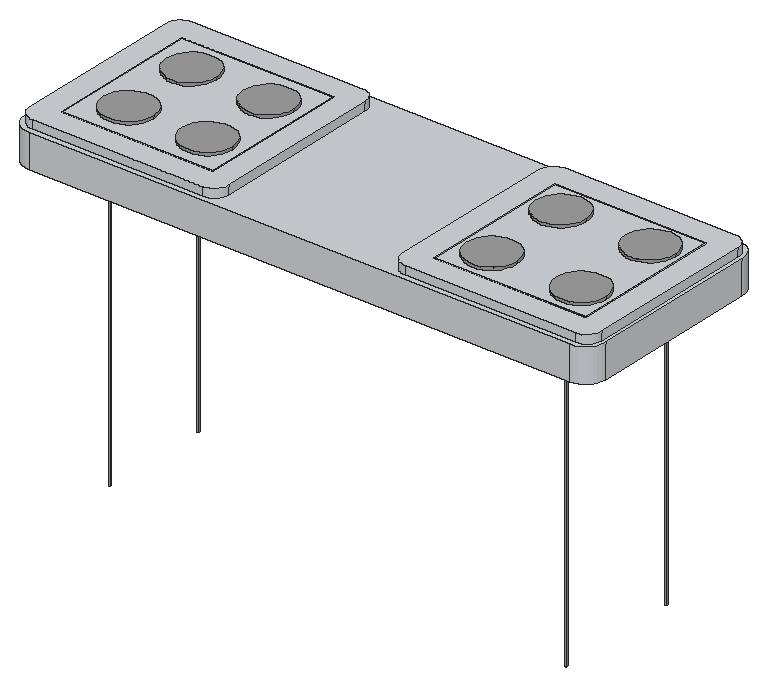
Revit family "Lighting-Industrial-GEWISS-SMART[4]ATEX_HIGHBAYS-LED_2M", category Apparecchi per illuminazione, Revit 2019
Family settings
  Quota connettore circolare = Usa diametro
  Tipo di parte = Normale
  Numero OmniClass = 23.80.70.00
  Titolo OmniClass = Lighting
  Basato su piano di lavoro = Sì
  Sempre verticale = No
  Taglio con vuoti quando caricato = No
  Sorgente d'illuminazione = No
  Condiviso = No
  Punto di calcolo locali = No
Parameters (values of type "GWS4220FP857 - SMART4HB 2M S.AL.ON/OFF ATEX 90° 57K")
  Wiring = "Single wiring with anti-breathing cable exiting metallic PG (NO Connector)"
  Weight (kg): = "6"
  Warranty = "5 years"
  Voltaggio = 230 V
  Version file RFA = "20.11"
  Unique digital code (Datamatrix) = "Datamatrix"
  Unified Glare Rating = "UGR - 25"
  URL = "https://www.gewiss.com/ww/en"
  Type of light source = "LED - Not replaceable"
  Tilt- = "With bracket accessory"
  Technical sheet = "https://www.gewiss.com/ww/en/search?q=GWS4220FP857"
  System power = "127W"
  Supply voltage = "220 - 240 V"
  Stocking temperature = "-40 +70 °C"
  Standards and approvals = "-"
  Standard- = "EN 60079-0 ; EN 60079-15 ; EN 60079-31 ; EN 60598-1 ; EN 60598-2-1"
  Standard Deviation Colour Matching = "SDCM = 3"
  Spostamento_y_etichetta [instance] = 0 mm
  Spostamento_y_effettivo_etichetta [instance] = 1500 mm - Spostamento_y_etichetta  # 1500 mm
  Spostamento_x_etichetta [instance] = 0 mm
  Spostamento_X_effettivo_etichetta [instance] = 1500 mm - Spostamento_x_etichetta  # 1500 mm
  Shock resistance = "IK08"
  Shield type = "Tempered glass Thickness 4mm"
  Realized by GEWISS S.p.A. = ""
  Rated frequency (Hz) = "50/60 Hz"
  Produttore = "GEWISS S.p.A."
  Photobiological Risk Class = "RG0"
  Overvoltage protection = "DM 6 kV / CM 10 kV"
  Optic and illuminating features = "-"
  Optic Maintenance = "Non-replaceable"
  Optic : = "Metallic PC reflector and PMMA lenses"
  Optic = "90°"
  Operating temperature : = "+5°C / +40 °C"
  Offset etichetta W [instance] = 150 mm
  Mouting and installation = "Ceiling - Wallmounting - Suspension"
  Model = "GWS4220FP857"
  Maximum surface exposed to the wind : = "0,184 m²"
  Materials = "-"
  Luminaire = "LED Industrial Reflector "
  Lumen output (lm) = "17800"
  Locking Hook = "-"
  Lifetime = "L90B10 (Tq+25°C) = 100.000 h - L90B10 (Tq+40°C) = 50.000 h"
  Lampada = "LED"
  LED Maintenance = "Non-replaceable"
  Insulation class = "I"
  Installationa and maintenance = "-"
  Immagine tipo = GWL1311.jpg
  IPEA = "-"
  IP degree = "IP66"
  IFC.TypeObject = ""
  IFC.ExportType = ""
  IFC.ExportAs = ""
  IDT = "0d6e297dac254e5297fa9efea3c4f430"
  IDF = "7f44379b-914f-4fa3-8b90-6a7583f741f4"
  Glow Wire Test : = "850 °C"
  General information = "-"
  Gasket = "anti-aging silicone"
  Fixing = "-"
  External screw = "Stainless steel"
  Etichetta wattaggio [instance] = yes
  Trasformatore = none
  Struttura plafoniera = none
  Spessore plafoniera = 40 mm  # constant formula
  Default Elevation = 1219.2 mm  # constant formula
  Proiettsmart2_simb [instance] = yes
  Plafoniera bidimensionale [instance] = not(Proiettsmart2_simb)  # no
  Eletrical and lighting features = "-"
  Electrocod = "2444"
  Efficiency (lm/W) = "140"
  Driver Box = "Built-in"
  Driver = "Included"
  Device with reduced surface temperature = "Yes"
  Description = "SMART[4]HB 2M S.AL.ON/OFF ATEX 90° 57K"
  DIN 18032-3 certification = "-"
  Control System : = "ON / OFF"
  Control System = "ON / OFF"
  Context = "Logistics and industrial manufacturing lighting"
  Commenti sul wattaggio = "97W"
  Colour temperature = "5700K"
  Colour : = "Grey RAL 7035"
  Colour = "Grey RAL 7035"
  Color Rendering Index = "CRI-80"
  Classificazione = Lighting
  Classification: = "ATEX: II 3 G Ex nR IIC T6 Gc - II 3 D Ex tc IIIC T65°C Dc"
  Catalogue = "LIGHTING"
  Carico apparente = 97 VA
  Motore = none
  Mascherina = none
  Lunghezza = 699 mm  # constant formula
  Larghezza = 254 mm  # constant formula
  Distanza_tot_plafoniera [instance] = 350 mm
  Dist_sorg_lum = 10 mm  # constant formula
  COBie.Tagnumber = ""
  COBie.CreatedOn = ""
  COBie.CreatebBy = ""
  COBie.ComponentRegisterItemID = ""
  COBie.Component.TagNumber = ""
  COBie.Component.Space = ""
  COBie.Component.SerialNumber = ""
  COBie.Component.InstallationDate = ""
  COBie.Component.Description = ""
  COBie.Component.BarCode = ""
  Body = "PA6 \"Halogen Free\" loaded fibreglass"
  Application = "Internal"
Types (8, lengths in mm): name | Weight (kg): | Unified Glare Rating | Technical sheet | Optic : | Optic | Model | Lumen output (lm) | IDT | Efficiency (lm/W) | Description | Colour temperature
  GWS4220FA840 - SMART4HB 2M S.AL.ON/OFF ATEX ARR.40K | "6,5" | "UGR - 25" | "https://www.gewiss.com/ww/en/search?q=GWS4220FA840" | "Metallized polycarbonate reflector" | "Array" | "GWS4220FA840" | "17500" | "145ae9b732644a54846114dde6aa17f9" | "138" | "SMART[4]HB 2M S.AL.ON/OFF ATEX ARR.40K" | "4000K"
  GWS4220FA857 - SMART4HB 2M S.AL.ON/OFF ATEX ARR.57K | "6,5" | "UGR - 25" | "https://www.gewiss.com/ww/en/search?q=GWS4220FA857" | "Metallized polycarbonate reflector" | "Array" | "GWS4220FA857" | "17500" | "e5235ec4fe3448939d46966a2583f97f" | "138" | "SMART[4]HB 2M S.AL.ON/OFF ATEX ARR.57K" | "5700K"
  GWS4220FC840 - SMART4HB 2M S.AL.ON/OFF ATEX ASI.40K | "7" | "-" | "https://www.gewiss.com/ww/en/search?q=GWS4220FC840" | "Metallic PC reflector and PMMA lenses" | "Asymmetrical" | "GWS4220FC840" | "15700" | "7e8ded990f2a41f4b0e1b0ac37571580" | "124" | "SMART[4]HB 2M S.AL.ON/OFF ATEX ASI.40K" | "4000K"
  GWS4220FC857 - SMART4HB 2M S.AL.ON/OFF ATEX ASI.57K | "7" | "-" | "https://www.gewiss.com/ww/en/search?q=GWS4220FC857" | "Metallic PC reflector and PMMA lenses" | "Asymmetrical" | "GWS4220FC857" | "15700" | "639a12f64741412ca9550f041f1e20d1" | "124" | "SMART[4]HB 2M S.AL.ON/OFF ATEX ASI.57K" | "5700K"
  GWS4220FH840 - SMART4HB 2M S.AL.ON/OFF ATEX 60° 40K | "7" | "UGR - 22" | "https://www.gewiss.com/ww/en/search?q=GWS4220FH840" | "Metallic PC reflector and PMMA lenses" | "60°" | "GWS4220FH840" | "17500" | "0d2a67f43f22488c90d0d8242e475d42" | "138" | "SMART[4]HB 2M S.AL.ON/OFF ATEX 60° 40K" | "4000K"
  GWS4220FH857 - SMART4HB 2M S.AL.ON/OFF ATEX 60° 57K | "6" | "UGR - 22" | "https://www.gewiss.com/ww/en/search?q=GWS4220FH857" | "Metallic PC reflector and PMMA lenses" | "60°" | "GWS4220FH857" | "17500" | "a87fe1652cc24f1abd0e0ce565a15b44" | "138" | "SMART[4]HB 2M S.AL.ON/OFF ATEX 60° 57K" | "5700K"
  GWS4220FP840 - SMART4HB 2M S.AL.ON/OFF ATEX 90° 40K | "6" | "UGR - 25" | "https://www.gewiss.com/ww/en/search?q=GWS4220FP840" | "Metallic PC reflector and PMMA lenses" | "90°" | "GWS4220FP840" | "17800" | "d30f2f1f99ef41cc93133917fc0a0454" | "140" | "SMART[4]HB 2M S.AL.ON/OFF ATEX 90° 40K" | "4000K"
  GWS4220FP857 - SMART4HB 2M S.AL.ON/OFF ATEX 90° 57K | "6" | "UGR - 25" | "https://www.gewiss.com/ww/en/search?q=GWS4220FP857" | "Metallic PC reflector and PMMA lenses" | "90°" | "GWS4220FP857" | "17800" | "0d6e297dac254e5297fa9efea3c4f430" | "140" | "SMART[4]HB 2M S.AL.ON/OFF ATEX 90° 57K" | "5700K"
Reference planes
  plane 1 "Asse sorgente illuminazione (F/B)": y = 0
  plane 2: z = 0
  plane 3 "Asse sorgente illuminazione (L/R)": x = 0
  plane 4 "Prospetto sorgente di illuminazione": z = 1500
  plane 5: x = -349.5
  plane 6: y = 127
  plane 7: x = 349.5
  plane 8: y = -127
  plane 9: x = 344.5
  plane 10: x = -344.5
  plane 11: x = -104.5
  plane 12: x = 104.5
  plane 13: y = -1500
  plane 14: z = 390
  plane 15: z = 390
  plane 16: z = 400
  plane 17: z = 350
  plane 18: y = 0
  plane 19: x = -1500
  plane 20: x = 0
Dimensions and locks
  equal spacing: plane 6, plane 1 "Asse sorgente illuminazione (F/B)", plane 8
  "Larghezza": plane 6 to plane 8
  equal spacing: plane 5, plane 3 "Asse sorgente illuminazione (L/R)", plane 7
  "Lunghezza": plane 5 to plane 7
  locked: plane 5 to plane 10 at 5
  locked: plane 9 to plane 7 at 5
  locked: plane 16 to plane 14 at 10
  locked: plane 15 to plane 17 at 40
  "Distanza_tot_plafoniera": plane 17 to plane 2
  plane 1 "Asse sorgente illuminazione (F/B)" to plane 13 = 1500 mm
  "Spostamento_y_effettivo_etichetta": plane 18 to plane 13
  plane 19 to plane 3 "Asse sorgente illuminazione (L/R)" = 1500 mm
  "Spostamento_X_effettivo_etichetta": plane 19 to plane 20
  aligned and locked: level to plane 2
  aligned and locked: nested 15 to plane 14
  aligned and locked: plane 14 to nested 16
  aligned and locked: plane 16 to nested 8
  aligned and locked: nested 6 to plane 16
  aligned and locked: plane 16 to nested 7
  aligned and locked: nested 5 to plane 16
  aligned and locked: nested 3 to plane 16
  aligned and locked: plane 16 to nested 1
  aligned and locked: nested 4 to plane 16
  aligned and locked: plane 16 to nested 2
  aligned and locked: nested 11 to plane 2  (x2)
  aligned and locked: nested 10 to plane 2
  aligned and locked: nested 9 to plane 2
  aligned and locked: plane 14 to plane 15
  aligned and locked: plane 17 to nested 14
  aligned and locked: nested 17 to plane 18
  aligned and locked: nested 17 to plane 20
  aligned and locked: plane 2 to nested 18
  aligned and locked: plane 2 to nested 11
Nested families
  nested 1: "Gewis - Led" at (171.717, 52, 403), type "Gewis - Led", detail levels medium+fine
  nested 2: "Gewis - Led" at (279.5, 52, 403), type "Gewis - Led", detail levels medium+fine
  nested 3: "Gewis - Led" at (171.717, -52, 403), type "Gewis - Led", detail levels medium+fine
  nested 4: "Gewis - Led" at (279.5, -52, 403), type "Gewis - Led", detail levels medium+fine
  nested 5: "Gewis - Led" at (-174.5, 45, 403) x (-1, 0, 0) z (0, 0, 1), type "Gewis - Led", detail levels medium+fine
  nested 6: "Gewis - Led" at (-269.5, 47.625, 403) x (-1, 0, 0) z (0, 0, 1), type "Gewis - Led", detail levels medium+fine
  nested 7: "Gewis - Led" at (-174.5, -47.089, 403) x (-1, 0, 0) z (0, 0, 1), type "Gewis - Led", detail levels medium+fine
  nested 8: "Gewis - Led" at (-269.5, -47.089, 403) x (-1, 0, 0) z (0, 0, 1), type "Gewis - Led", detail levels medium+fine
  nested 9: "Sospensione_ SMART LAB 4" at (274.838, 81.5, 0), Altezza sospensione <- "Distanza_tot_plafoniera", type "Sospensione_ SMART LAB 4"
    with Altezza sospensione 350 mm, Default Elevation 350 mm
  nested 10: "Sospensione_ SMART LAB 4" at (274.838, -69, 0), Altezza sospensione <- "Distanza_tot_plafoniera", type "Sospensione_ SMART LAB 4"
    with Altezza sospensione 350 mm, Default Elevation 350 mm
  nested 11: "Sospensione_ SMART LAB 4" at (-276.662, -66.5, 0), Altezza sospensione <- "Distanza_tot_plafoniera", type "Sospensione_ SMART LAB 4"
    with Altezza sospensione 350 mm, Default Elevation 350 mm
  nested 12: "PROIETTSMART - 2" at (0, 0, 0), visible <- "Proiettsmart2_simb", type "PROIETTSMART - 2"
  nested 13: "Rappr_ bidimensionale_SMART (4)  4 + 4 L " at (0, 0, 0), visible <- "Plafoniera bidimensionale", type "SMART (4)  4 + 4 L_bidimensionale "
  nested 14: "Struttura_SMART 4" at (0, 0, 390), type "SMART 4 HB - 4+4L"
  nested 15: "mascherina_SMART (4)" at (-224.5, 0, 400) x (-1, 0, 0) z (0, 0, 1), type "Maschera_smart (4) 4L", detail levels fine
  nested 16: "mascherina_SMART (4)" at (224.5, 0, 400), type "Maschera_smart (4) 4L", detail levels fine
  nested 17: "ETICHETTA LIGHT" at (0, 0, 0), type "ETICHETTA LIGHT"
  nested 18: "Sospensione_ SMART LAB 4" at (-276.662, 66.5, 0), Altezza sospensione <- "Distanza_tot_plafoniera", type "Sospensione_ SMART LAB 4"
    with Altezza sospensione 350 mm, Default Elevation 350 mm
Connectors
  electrical at (0.009, -0.098, 350), driven by "Carico apparente"
    settings: on nested 14, index 1, voltage 230 V, apparent load 0 VA, apparent load phase1 97 VA, apparent load phase2 0 VA, apparent load phase3 0 VA, power factor 1, load classification "Lighting", number of poles 2, system type 31, power factor state 1, is connector primary yes, connector utility no, sub classification motor no, connector description ""
Definition of nested family "Gewis - Led"
  Parameters (values of type "Gewis - Led")
    Vetro = none
    Raggio led = 30 mm
    Default Elevation = 1219.2 mm
    Estensione vetro = 3 mm
  Reference planes
    plane 1 "Centro (Fronte/Retro)": y = 0
    plane 2: z = 0
    plane 3 "Centro (Sinistra/Destra)": x = 0
  Forms (mm)
    Extrusion 1, solid, material <- "Vetro"
      sketch origin (0, 0, 0) x (1, 0, 0) y (0, 1, 0)
        loop
          circle (0, 0) r 30
      from -3 to 0
  Dimensions and locks
    "Estensione vetro": level to Extrusion 1
    "Raggio led": radius of Extrusion 1 sketch curve
    aligned and locked: level to plane 2
    aligned and locked: level to Extrusion 1
  Automatic sketch dimensions
    plane 1 "Centro (Fronte/Retro)" to Extrusion 1 sketch curve = 0 mm
    Extrusion 1 sketch curve to plane 3 "Centro (Sinistra/Destra)" = 0 mm
Definition of nested family "Sospensione_ SMART LAB 4"
  Parameters (values of type "Sospensione_ SMART LAB 4")
    Default Elevation = 400 mm
    Altezza sospensione [instance] = 500 mm
  Reference planes
    plane 1 "Center (Front/Back)": y = 0
    plane 2: z = 0
    plane 3 "Center (Left/Right)": x = 0
    plane 4: z = 500
    plane 5: z = 30.7
  Forms (mm)
    Extrusion 1, solid
      sketch origin (0, 0, 0) x (1, 0, 0) y (0, 1, 0)
        loop
          circle (0, -0.028) r 1.25
      from 0 to 500
  Lines and regions (mm)
    model lines, not visible
      curve 1: line (0, 0, 0) -> (0, 0, 9.482)
  Dimensions and locks
    "Altezza sospensione": plane 4 to level
    plane 2 to plane 4 = 500 mm
    aligned and locked: level to plane 2
    aligned and locked: Extrusion 1 to plane 2
    aligned and locked: plane 4 to Extrusion 1
  Automatic sketch dimensions
    Extrusion 1 sketch curve to plane 3 "Center (Left/Right)" = 0 mm
    plane 1 "Center (Front/Back)" to Extrusion 1 sketch curve = 0.028 mm
    curve 1 to plane 3 "Center (Left/Right)" = 0 mm
    curve 1 to level = 0 mm
    curve 1 to curve 1 = 9.482 mm
    radius of Extrusion 1 sketch curve = 1.25 mm
Definition of nested family "Struttura_SMART 4"
  Parameters (values of type "SMART 4 HB - 4+4L")
    Struttura plafoniera = none
    Spessore_plafoniera = 40 mm
    Lunghezza = 699 mm
    Larghezza = 254 mm
  Types (2, lengths in mm): name | Lunghezza | Larghezza
    SMART Lab (4) 4L | 383 | 253
    SMART 4 HB - 4+4L | 699 | 254
  Reference planes
    plane 1 "Asse sorgente illuminazione (F/B)": y = 0
    plane 2: z = 0
    plane 3 "Asse sorgente illuminazione (L/R)": x = 0
    plane 4 "Prospetto sorgente di illuminazione": z = -40
    plane 5 "SX": x = -349.5
    plane 6 "DX": x = 349.5
    plane 7 "DIETRO": y = 127
    plane 8 "AVANTI": y = -127
    plane 9: x = 106.5
    plane 10: x = 338.5
    plane 11: y = -116
    plane 12: y = 116
    plane 13: x = -338.5
    plane 14: x = -106.5
  Forms (mm)
    Extrusion 1, solid, material <- "Struttura plafoniera"
      sketch origin (0, 0, 0) x (1, 0, 0) y (0, 1, 0)
        loop
          line (349.5, -102.595) -> (349.5, 102.59)
          arc (349.5, 102.59) -> (342.35, 119.85) -> (325.09, 127) r 24.41
          line (325.09, 127) -> (-325.009, 127)
          arc (-325.009, 127) -> (-342.554, 119.6) -> (-349.5, 101.871) r 24.499
          line (-349.5, 101.871) -> (-349.5, -102.592)
          arc (-349.5, -102.592) -> (-342.351, -119.851) -> (-325.092, -127) r 24.408
          line (-325.092, -127) -> (325.117, -127)
          arc (325.117, -127) -> (342.334, -119.868) -> (349.465, -102.652) r 24.348
      from -40 to 0
  Dimensions and locks
    equal spacing: plane 5 "SX", plane 3 "Asse sorgente illuminazione (L/R)", plane 6 "DX"
    equal spacing: plane 7 "DIETRO", plane 1 "Asse sorgente illuminazione (F/B)", plane 8 "AVANTI"
    "Lunghezza": plane 5 "SX" to plane 6 "DX"
    "Larghezza": plane 7 "DIETRO" to plane 8 "AVANTI"
    locked: plane 7 "DIETRO" to plane 12 at 11
    locked: plane 11 to plane 8 "AVANTI" at 11
    locked: plane 10 to plane 6 "DX" at 11
    locked: plane 9 to plane 10 at 232
    plane 13 to plane 14 = 232 mm
    locked: plane 5 "SX" to plane 13 at 11
    "Spessore_plafoniera": plane 2 to plane 4 "Prospetto sorgente di illuminazione"
    aligned and locked: level to plane 2
    aligned and locked: Extrusion 1 to plane 5 "SX"
    aligned and locked: Extrusion 1 to plane 8 "AVANTI"  (x2)
    aligned and locked: plane 7 "DIETRO" to Extrusion 1
    aligned and locked: plane 6 "DX" to Extrusion 1
    aligned and locked: plane 4 "Prospetto sorgente di illuminazione" to Extrusion 1
    aligned and locked: plane 2 to Extrusion 1
  Automatic sketch dimensions
    Extrusion 1 sketch curve to plane 5 "SX" = 0 mm
    Extrusion 1 sketch curve to plane 8 "AVANTI" = 0 mm
    Extrusion 1 sketch curve to plane 7 "DIETRO" = 0 mm
    Extrusion 1 sketch curve to plane 6 "DX" = 0 mm
    plane 13 to Extrusion 1 sketch curve = 13.408 mm
    plane 13 to Extrusion 1 sketch curve = 13.491 mm
    Extrusion 1 sketch curve to plane 10 = 13.41 mm
    Extrusion 1 sketch curve to plane 10 = 13.383 mm
    plane 11 to Extrusion 1 sketch curve = 13.348 mm
    Extrusion 1 sketch curve to plane 12 = 14.129 mm
    Extrusion 1 sketch curve to Extrusion 1 sketch curve = 0.056 mm
Definition of nested family "mascherina_SMART (4)"
  Parameters (values of type "Maschera_smart (4) 4L")
    Spessore_mascherina = 10 mm
    Default Elevation = 1219.2 mm
    N.intarsi = (Lunghezza_mascherina - (Bordo * 2)) / 15 mm  # 12
    N._intarsi verticale = (Larghezza_mascherina - (Bordo * 2)) / 17 mm  # 11
    Mascherina = none
    Lunghezza_mascherina = 240 mm
    Larghezza_mascherina = 240 mm
    Distanza_intarsi v. = 41 mm  # constant formula
    Distanza_intarsi = 37 mm  # constant formula
    Bordo = 29 mm
  Reference planes
    plane 1 "Centro (Fronte/Retro)": y = 0
    plane 2: z = 0
    plane 3 "Centro (Sinistra/Destra)": x = 0
    plane 4: x = -120
    plane 5 "Dietro": y = 120
    plane 6: x = 120
    plane 7: y = -120
    plane 8: x = -91
    plane 9: y = -91
    plane 10: x = 91
    plane 11: y = 91
    plane 12: x = -83
    plane 13: y = 94.742
    plane 14: y = -95
    plane 15: z = -10
    plane 16: x = -95
    plane 17: y = 79
    plane 18: y = -79
    plane 19: x = 95
    plane 20: z = -4.799
  Forms (mm)
    Extrusion 1, solid, material <- "Mascherina"
      sketch origin (0, 0, 0) x (1, 0, 0) y (0, 1, 0)
        loop
          arc (-102.5, 120) -> (-114.874, 114.874) -> (-120, 102.5) r 17.5
          line (-120, 102.5) -> (-120, -102.5)
          arc (-120, -102.5) -> (-114.874, -114.874) -> (-102.5, -120) r 17.5
          line (-102.5, -120) -> (102.5, -120)
          arc (102.5, -120) -> (114.874, -114.874) -> (120, -102.5) r 17.5
          line (120, -102.5) -> (120, 102.5)
          arc (120, 102.5) -> (114.874, 114.874) -> (102.5, 120) r 17.5
          line (102.5, 120) -> (-102.5, 120)
        loop
          line (-91, 91) -> (-91, -91) -> (91, -91) -> (91, 91) -> (-91, 91)
      from -10 to 0
    Extrusion 2, solid, material <- "Mascherina"
      sketch origin (0, 0, 0) x (1, 0, 0) y (0, 1, 0)
        loop
          line (-91, 91) -> (-91, -91) -> (91, -91) -> (91, 91) -> (-91, 91)
      from -4.799 to 0
  Dimensions and locks
    equal spacing: plane 4, plane 3 "Centro (Sinistra/Destra)", plane 6
    "Lunghezza_mascherina": plane 4 to plane 6
    equal spacing: plane 5 "Dietro", plane 1 "Centro (Fronte/Retro)", plane 7
    "Larghezza_mascherina": plane 5 "Dietro" to plane 7
    "Bordo": plane 4 to plane 8
    "Bordo": plane 9 to plane 7
    "Bordo": plane 5 "Dietro" to plane 11
    "Bordo": plane 10 to plane 6
    "Distanza_intarsi": plane 4 to plane 12
    locked: plane 13 to plane 11 at 3.742
    "Spessore_mascherina": plane 2 to plane 15
    "Distanza_intarsi v.": plane 5 "Dietro" to plane 17
    "Distanza_intarsi v.": plane 18 to plane 7
    locked: plane 9 to plane 14 at 4
    locked: plane 16 to plane 8 at 4
    locked: plane 10 to plane 19 at 4
    locked: plane 2 to plane 20 at 4.799
    radius of Extrusion 1 sketch curve = 17.5 mm  (x4)
    aligned and locked: level to plane 2
    aligned and locked: plane 4 to Extrusion 1 sketch curve
    aligned and locked: plane 6 to Extrusion 1 sketch curve
    aligned and locked: Extrusion 1 sketch curve to plane 5 "Dietro"
    aligned and locked: Extrusion 1 sketch curve to plane 7
    aligned and locked: Extrusion 1 sketch curve to plane 11
    aligned and locked: plane 8 to Extrusion 1 sketch curve
    aligned and locked: plane 9 to Extrusion 1 sketch curve
    aligned and locked: Extrusion 1 sketch curve to plane 10
    aligned and locked: plane 2 to Extrusion 1
    aligned and locked: Extrusion 1 to plane 15
    aligned and locked: Extrusion 2 sketch curve to plane 10
    aligned and locked: plane 9 to Extrusion 2 sketch curve
    aligned and locked: plane 8 to Extrusion 2 sketch curve
    aligned and locked: Extrusion 2 sketch curve to plane 11
    aligned and locked: plane 2 to Extrusion 2
    aligned and locked: Extrusion 2 to plane 20
Definition of nested family "PROIETTSMART - 2"
  Reference planes
    plane 1 "Centro (Fronte/Retro)": y = 0
    plane 2: z = 0
    plane 3 "Centro (Sinistra/Destra)": x = 0
  Lines and regions (mm)
    model lines, in view "Livello rif."
      curve 1: line (87.132, -21.515, 0) -> (43.932, -0.008, 0)
      curve 2: line (43.932, -0.008, 0) -> (87.132, 21.758, 0)
      curve 3: line (87.132, 21.758, 0) -> (87.132, -21.515, 0)
      curve 4: line (43.932, 21.629, 0) -> (43.932, -21.645, 0)
      curve 5: line (43.932, -0.008, 0) -> (18.672, -0.008, 0)
      curve 6: line (87.132, 0.122, 0) -> (105.785, 0.122, 0)
      curve 7: line (128.701, 66.747, 0) -> (128.701, -66.747, 0)
      curve 8: line (128.701, -66.747, 0) -> (-131.299, -66.747, 0)
      curve 9: line (-131.299, -66.747, 0) -> (-131.299, 66.747, 0)
      curve 10: line (-131.299, 66.747, 0) -> (128.701, 66.747, 0)
      curve 11: line (12.311, 49.667, 0) -> (111.66, 49.667, 0)
      curve 12: line (111.66, 49.667, 0) -> (111.66, -49.683, 0)
      curve 13: line (111.66, -49.683, 0) -> (12.311, -49.683, 0)
      curve 14: line (12.311, -49.683, 0) -> (12.311, 49.667, 0)
      curve 15: line (-39.438, -21.515, 0) -> (-82.637, -0.008, 0)
      curve 16: line (-82.637, -0.008, 0) -> (-39.438, 21.758, 0)
      curve 17: line (-39.438, 21.758, 0) -> (-39.438, -21.515, 0)
      curve 18: line (-82.637, 21.629, 0) -> (-82.637, -21.645, 0)
      curve 19: line (-82.637, -0.008, 0) -> (-107.898, -0.008, 0)
      curve 20: line (-39.438, 0.122, 0) -> (-20.785, 0.122, 0)
      curve 21: line (-114.259, 49.667, 0) -> (-14.909, 49.667, 0)
      curve 22: line (-14.909, 49.667, 0) -> (-14.909, -49.683, 0)
      curve 23: line (-14.909, -49.683, 0) -> (-114.259, -49.683, 0)
      curve 24: line (-114.259, -49.683, 0) -> (-114.259, 49.667, 0)
Definition of nested family "Rappr_ bidimensionale_SMART (4)  4 + 4 L "
  Reference planes
    plane 1 "Centro (Fronte/Retro)": y = 0
    plane 2: z = 0
    plane 3 "Centro (Sinistra/Destra)": x = 0
  Lines and regions (mm)
    model lines, in view "Livello rif."
      curve 1: circle (175.602, 47.039, 0) r 28.619 normal (0, 0, 1)
      curve 2: circle (269.602, -46.961, 0) r 28.619 normal (0, 0, 1)
      curve 3: circle (175.602, -46.961, 0) r 28.619 normal (0, 0, 1)
      curve 4: circle (269.602, 47.039, 0) r 28.619 normal (0, 0, 1)
      curve 5: arc (103.203, -104.051, 0) -> (107.722, -114.924, 0) -> (118.601, -119.425, 0) r 15.398
      curve 6: arc (-118.547, -119.425, 0) -> (-107.659, -114.915, 0) -> (-103.149, -104.027, 0) r 15.398
      curve 7: arc (-103.149, 103.973, 0) -> (-107.668, 114.87, 0) -> (-118.571, 119.371, 0) r 15.398
      curve 8: arc (-326.571, 119.371, 0) -> (-337.453, 114.844, 0) -> (-341.945, 103.948, 0) r 15.398
      curve 9: arc (-341.945, -104.002, 0) -> (-337.444, -114.906, 0) -> (-326.547, -119.425, 0) r 15.398
      curve 10: arc (326.601, -119.425, 0) -> (337.498, -114.906, 0) -> (342, -104.002, 0) r 15.398
      curve 11: arc (342, 103.998, 0) -> (337.472, 114.878, 0) -> (326.577, 119.371, 0) r 15.398
      curve 12: arc (118.577, 119.371, 0) -> (107.713, 114.861, 0) -> (103.203, 103.997, 0) r 15.398
      curve 13: arc (-349.401, -104, 0) -> (-342.727, -120.168, 0) -> (-326.575, -126.881, 0) r 22.854
      curve 14: arc (-326.574, 126.827, 0) -> (-342.707, 120.133, 0) -> (-349.401, 104, 0) r 22.854
      curve 15: arc (349.455, 104, 0) -> (342.742, 120.152, 0) -> (326.574, 126.827, 0) r 22.854
      curve 16: arc (326.573, -126.881, 0) -> (342.761, -120.187, 0) -> (349.455, -104, 0) r 22.854
      curve 17: circle (-175.548, -47.093, 0) r 28.619 normal (0, 0, 1)
      curve 18: circle (-269.548, 46.907, 0) r 28.619 normal (0, 0, 1)
      curve 19: circle (-175.548, 46.907, 0) r 28.619 normal (0, 0, 1)
      curve 20: circle (-269.548, -47.093, 0) r 28.619 normal (0, 0, 1)
      curve 21: line (130.101, -92.527, 0) -> (130.101, 92.473, 0)
      curve 22: line (130.101, 92.473, 0) -> (315.101, 92.473, 0)
      curve 23: line (315.101, 92.473, 0) -> (315.101, -92.527, 0)
      curve 24: line (315.101, -92.527, 0) -> (130.101, -92.527, 0)
      curve 25: line (103.203, -104.051, 0) -> (103.203, 103.997, 0)
      curve 26: line (118.601, -119.425, 0) -> (326.601, -119.425, 0)
      curve 27: line (-326.547, -119.425, 0) -> (-118.547, -119.425, 0)
      curve 28: line (-103.149, -104.027, 0) -> (-103.149, 103.973, 0)
      curve 29: line (-326.571, 119.371, 0) -> (-118.571, 119.371, 0)
      curve 30: line (-341.945, -104.002, 0) -> (-341.945, 103.948, 0)
      curve 31: line (342, -104.002, 0) -> (342, 103.998, 0)
      curve 32: line (118.577, 119.371, 0) -> (326.577, 119.371, 0)
      curve 33: line (-349.401, -104, 0) -> (-349.401, 104, 0)
      curve 34: line (326.574, 126.827, 0) -> (-326.574, 126.827, 0)
      curve 35: line (349.455, -104, 0) -> (349.455, 104, 0)
      curve 36: line (326.573, -126.881, 0) -> (-326.575, -126.881, 0)
      curve 37: line (-130.047, -92.527, 0) -> (-315.047, -92.527, 0)
      curve 38: line (-315.047, -92.527, 0) -> (-315.047, 92.473, 0)
      curve 39: line (-315.047, 92.473, 0) -> (-130.047, 92.473, 0)
      curve 40: line (-130.047, 92.473, 0) -> (-130.047, -92.527, 0)
Definition of nested family "ETICHETTA LIGHT"
  Parameters (values of type "ETICHETTA LIGHT")
    COMMENTI = "236W"
  Reference planes
    plane 1: y = 0
    plane 2: x = 0
  Text (mm)
    label "COMMENTI" at (-0.057, 0.105, 0), shows "COMMENTI"
